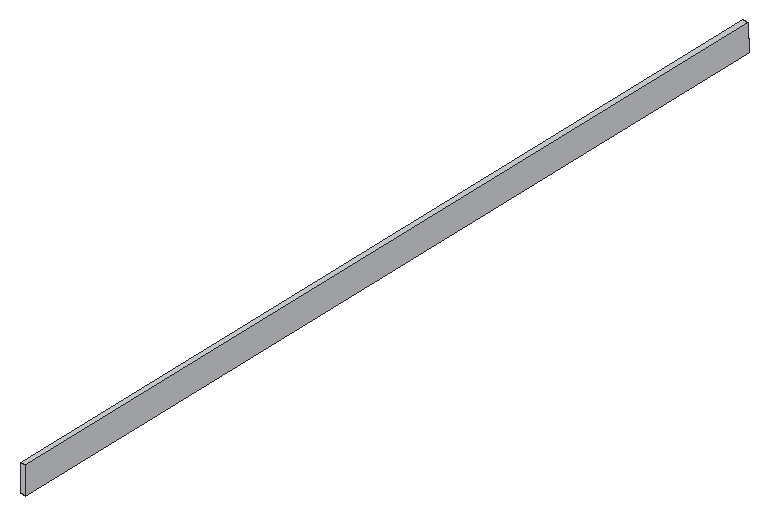
Revit family "SanCongTac", category Generic Models, Revit 2019
Family settings
  Can host rebar = No
  Round Connector Dimension = Use Diameter
  Part Type = Normal
  Work Plane-Based = No
  Always vertical = Yes
  Cut with Voids When Loaded = No
  Shared = No
  Room Calculation Point = No
Reference planes
  plane 1 "Center (Front/Back)": y = 0
  plane 2: z = 0
  plane 3 "Center (Left/Right)": x = 0
  plane 4: x = -5000
Forms (mm)
  Extrusion 1, solid
    sketch origin (-2505, 2495, 0) x (-1, 0, 0) y (0, 0, 1)
      loop
        line (-2475, 0) -> (-2475, 150) -> (-2505, 150) -> (-2505, 0) -> (-2475, 0)
    from 0 to -5000
Dimensions and locks
  plane 2 to Extrusion 1 = 150 mm
  aligned and locked: level to plane 2
